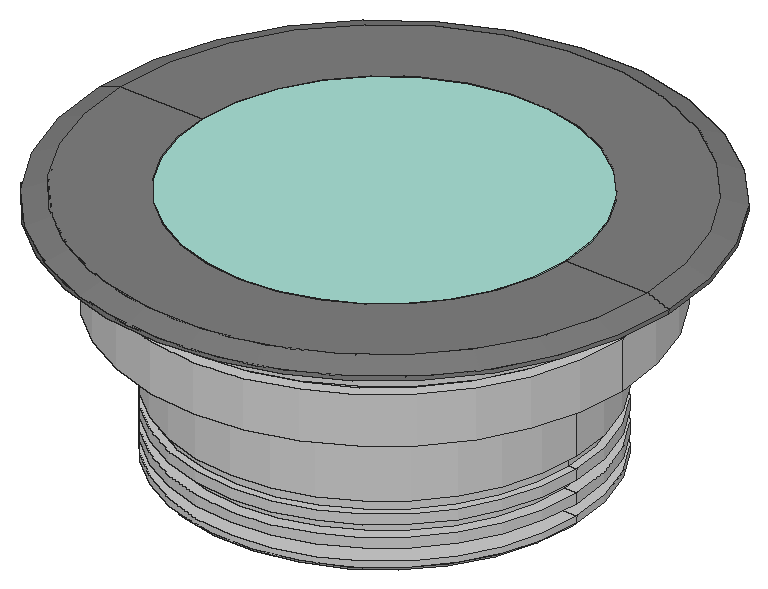
Revit family "Bright 5.F", category Lighting Fixtures, host Face, Revit 2017 (continued)
Types (16, lengths in mm): name | Wattage | Power | Photometric Web File | Optics | built-in parameter 1150142 | built-in parameter 1150105 | Lumens | built-in parameter 1150106 | Apparent Load Phase 1
    .00 0.00 0.00 0.00 0.00 0.00 0.00 0.00 0.00 \r\n0.00 0.00 0.00 0.00 0.00 0.00 0.00 0.00 0.00 0.00 0.00 \r\n0.00 0.00 0.00 0.00 0.00 0.00 0.00 0.00 0.00 0.00 0.00 \r\n0.00 0.00 0.00 0.00 \r\n4408.84 4326.97 4135.36 3834.72 3457.16 3042.91 2600.55 \r\n2179.08 1773.40 1433.91 1142.26 907.01 708.10 573.14 \r\n467.88 389.75 331.52 286.94 252.10 225.53 202.84 183.87 \r\n168.37 154.18 141.46 129.38 119.38 109.80 101.19 93.16 \r\n86.08 79.47 73.80 68.21 63.51 59.31 55.29 51.78 48.64 \r\n45.75 42.98 40.33 38.02 35.79 33.68 31.75 29.93 28.24 \r\n26.58 25.05 23.60 22.20 20.89 19.63 18.40 17.29 16.22 \r\n15.19 14.20 13.24 12.35 11.45 10.63 9.86 9.10 8.40 7.73 \r\n7.10 6.48 5.88 5.30 4.79 4.26 3.79 3.33 2.90 2.50 2.13 \r\n1.77 1.45 1.15 0.90 0.68 0.49 0.35 0.23 0.15 0.10 0.07 \r\n0.03 0.00 0.00 0.00 0.00 0.00 0.00 0.00 0.00 0.00 0.00 \r\n0.00 0.00 0.00 0.00 0.00 0.00 0.00 0.00 0.00 0.00 0.00 \r\n0.00 0.00 0.00 0.00 0.00 0.00 0.00 0.00 0.00 0.00 0.00 \r\n0.00 0.00 0.00 0.00 0.00 0.00 0.00 0.00 0.00 0.00 0.00 \r\n0.00 0.00 0.00 0.00 0.00 0.00 0.00 0.00 0.00 0.00 0.00 \r\n0.00 0.00 0.00 0.00 0.00 0.00 0.00 0.00 0.00 0.00 0.00 \r\n0.00 0.00 0.00 0.00 0.00 0.00 0.00 0.00 0.00 0.00 0.00 \r\n0.00 0.00 0.00 0.00 0.00 0.00 0.00 0.00 0.00 0.00 0.00 \r\n0.00 0.00 0.00 0.00 \r\n4408.84 4321.87 4109.05 3779.22 3369.11 2920.03 2461.24 \r\n2023.81 1618.24 1270.81 992.01 775.62 607.75 489.07 \r\n397.16 335.02 287.30 250.19 222.82 198.96 180.33 163.57 \r\n149.07 136.06 124.48 113.42 103.54 94.89 87.07 80.13 \r\n73.56 68.25 63.10 58.78 54.57 51.02 47.73 44.77 41.96 \r\n39.50 37.16 35.00 32.88 31.02 29.25 27.53 25.97 24.46 \r\n23.10 21.69 20.45 19.22 18.11 16.94 15.90 14.94 14.02 \r\n13.12 12.24 11.46 10.64 9.95 9.23 8.57 7.92 7.34 6.72 \r\n6.20 5.65 5.14 4.64 4.20 3.76 3.34 2.94 2.59 2.23 1.89 \r\n1.59 1.29 1.05 0.81 0.62 0.45 0.31 0.21 0.14 0.10 0.07 \r\n0.03 0.00 0.00 0.00 0.00 0.00 0.00 0.00 0.00 0.00 0.00 \r\n0.00 0.00 0.00 0.00 0.00 0.00 0.00 0.00 0.00 0.00 0.00 \r\n0.00 0.00 0.00 0.00 0.00 0.00 0.00 0.00 0.00 0.00 0.00 \r\n0.00 0.00 0.00 0.00 0.00 0.00 0.00 0.00 0.00 0.00 0.00 \r\n0.00 0.00 0.00 0.00 0.00 0.00 0.00 0.00 0.00 0.00 0.00 \r\n0.00 0.00 0.00 0.00 0.00 0.00 0.00 0.00 0.00 0.00 0.00 \r\n0.00 0.00 0.00 0.00 0.00 0.00 0.00 0.00 0.00 0.00 0.00 \r\n0.00 0.00 0.00 0.00 0.00 0.00 0.00 0.00 0.00 0.00 0.00 \r\n0.00 0.00 0.00 0.00 \r\n4408.84 4310.92 4075.98 3721.59 3282.67 2830.81 2330.32 \r\n1890.31 1479.34 1157.40 876.61 684.50 529.66 428.74 \r\n353.12 299.16 258.36 227.05 202.54 181.48 163.80 148.31 \r\n135.38 122.12 111.68 101.43 92.19 84.25 76.75 70.51 65.17 \r\n60.18 55.91 51.93 48.42 45.41 42.45 39.80 37.26 35.04 \r\n32.87 30.99 29.06 27.45 25.82 24.26 22.86 21.47 20.19 \r\n18.96 17.85 16.70 15.64 14.63 13.74 12.83 12.04 11.27 \r\n10.52 9.82 9.13 8.51 7.91 7.34 6.80 6.30 5.79 5.34 4.88 \r\n4.44 4.03 3.64 3.25 2.90 2.55 2.24 1.93 1.64 1.36 1.11 \r\n0.90 0.71 0.53 0.39 0.28 0.19 0.13 0.09 0.07 0.03 0.00 \r\n0.00 0.00 0.00 0.00 0.00 0.00 0.00 0.00 0.00 0.00 0.00 \r\n0.00 0.00 0.00 0.00 0.00 0.00 0.00 0.00 0.00 0.00 0.00 \r\n0.00 0.00 0.00 0.00 0.00 0.00 0.00 0.00 0.00 0.00 0.00 \r\n0.00 0.00 0.00 0.00 0.00 0.00 0.00 0.00 0.00 0.00 0.00 \r\n0.00 0.00 0.00 0.00 0.00 0.00 0.00 0.00 0.00 0.00 0.00 \r\n0.00 0.00 0.00 0.00 0.00 0.00 0.00 0.00 0.00 0.00 0.00 \r\n0.00 0.00 0.00 0.00 0.00 0.00 0.00 0.00 0.00 0.00 0.00 \r\n0.00 0.00 0.00 0.00 0.00 0.00 0.00 0.00 0.00 0.00 0.00 \r\n0.00 0.00 \r\n4408.84 4304.18 4056.51 3682.67 3223.18 2711.82 2231.85 \r\n1762.62 1368.27 1038.41 799.00 610.22 478.60 383.31 \r\n321.13 271.64 237.15 208.95 186.75 167.89 151.39 136.60 \r\n123.68 111.88 101.22 91.54 83.19 76.00 69.24 63.71 58.88 \r\n54.53 50.57 47.09 43.98 41.12 38.36 36.02 33.72 31.65 \r\n29.80 27.90 26.25 24.66 23.16 21.74 20.47 19.16 17.97 \r\n16.84 15.78 14.76 13.81 12.93 12.09 11.31 10.57 9.86 9.23 \r\n8.61 8.02 7.48 6.94 6.46 5.98 5.54 5.11 4.67 4.28 3.90 \r\n3.53 3.16 2.83 2.51 2.21 1.92 1.66 1.41 1.18 0.96 0.78 \r\n0.61 0.47 0.35 0.25 0.18 0.12 0.09 0.06 0.03 0.00 0.00 \r\n0.00 0.00 0.00 0.00 0.00 0.00 0.00 0.00 0.00 0.00 0.00 \r\n0.00 0.00 0.00 0.00 0.00 0.00 0.00 0.00 0.00 0.00 0.00 \r\n0.00 0.00 0.00 0.00 0.00 0.00 0.00 0.00 0.00 0.00 0.00 \r\n0.00 0.00 0.00 0.00 0.00 0.00 0.00 0.00 0.00 0.00 0.00 \r\n0.00 0.00 0.00 0.00 0.00 0.00 0.00 0.00 0.00 0.00 0.00 \r\n0.00 0.00 0.00 0.00 0.00 0.00 0.00 0.00 0.00 0.00 0.00 \r\n0.00 0.00 0.00 0.00 0.00 0.00 0.00 0.00 0.00 0.00 0.00 \r\n0.00 0.00 0.00 0.00 0.00 0.00 0.00 0.00 0.00 0.00 0.00 \r\n0.00 \r\n4408.84 4300.19 4027.57 3652.95 3143.58 2669.90 2141.57 \r\n1684.34 1293.91 976.80 733.81 570.92 436.99 355.59 297.42 \r\n254.12 223.27 196.75 176.59 158.18 141.89 127.50 115.42 \r\n103.66 94.00 84.64 76.92 70.31 64.04 58.88 54.59 50.39 \r\n46.76 43.61 40.57 38.15 35.47 33.40 31.27 29.36 27.61 \r\n25.89 24.30 22.84 21.38 20.07 18.87 17.60 16.55 15.47 \r\n14.51 13.55 12.67 11.82 11.07 10.29 9.65 9.03 8.42 7.88 \r\n7.33 6.82 6.36 5.90 5.45 5.03 4.61 4.24 3.85 3.49 3.13 \r\n2.81 2.51 2.21 1.94 1.69 1.46 1.24 1.04 0.86 0.70 0.55 \r\n0.43 0.32 0.24 0.17 0.12 0.09 0.06 0.03 0.00 0.00 0.00 \r\n0.00 0.00 0.00 0.00 0.00 0.00 0.00 0.00 0.00 0.00 0.00 \r\n0.00 0.00 0.00 0.00 0.00 0.00 0.00 0.00 0.00 0.00 0.00 \r\n0.00 0.00 0.00 0.00 0.00 0.00 0.00 0.00 0.00 0.00 0.00 \r\n0.00 0.00 0.00 0.00 0.00 0.00 0.00 0.00 0.00 0.00 0.00 \r\n0.00 0.00 0.00 0.00 0.00 0.00 0.00 0.00 0.00 0.00 0.00 \r\n0.00 0.00 0.00 0.00 0.00 0.00 0.00 0.00 0.00 0.00 0.00 \r\n0.00 0.00 0.00 0.00 0.00 0.00 0.00 0.00 0.00 0.00 0.00 \r\n0.00 0.00 0.00 0.00 0.00 0.00 0.00 0.00 0.00 0.00 0.00 \r\n4408.84 4299.33 4021.49 3608.66 3108.55 2593.05 2077.12 \r\n1622.81 1219.79 918.94 690.55 528.78 411.26 334.47 280.96 \r\n242.11 211.98 187.03 167.86 150.35 134.66 120.92 109.28 \r\n97.88 88.38 79.48 72.22 65.90 60.24 55.48 51.33 47.54 \r\n44.11 41.07 38.26 35.80 33.38 31.33 29.32 27.53 25.82 \r\n24.29 22.76 21.37 20.07 18.78 17.62 16.50 15.51 14.51 \r\n13.58 12.70 11.88 11.05 10.35 9.66 9.06 8.48 7.93 7.40 \r\n6.89 6.40 5.95 5.51 5.07 4.66 4.26 3.88 3.52 3.18 2.84 \r\n2.55 2.27 2.01 1.76 1.55 1.34 1.15 0.97 0.80 0.65 0.52 \r\n0.41 0.31 0.23 0.17 0.12 0.09 0.06 0.03 0.00 0.00 0.00 \r\n0.00 0.00 0.00 0.00 0.00 0.00 0.00 0.00 0.00 0.00 0.00 \r\n0.00 0.00 0.00 0.00 0.00 0.00 0.00 0.00 0.00 0.00 0.00 \r\n0.00 0.00 0.00 0.00 0.00 0.00 0.00 0.00 0.00 0.00 0.00 \r\n0.00 0.00 0.00 0.00 0.00 0.00 0.00 0.00 0.00 0.00 0.00 \r\n0.00 0.00 0.00 0.00 0.00 0.00 0.00 0.00 0.00 0.00 0.00 \r\n0.00 0.00 0.00 0.00 0.00 0.00 0.00 0.00 0.00 0.00 0.00 \r\n0.00 0.00 0.00 0.00 0.00 0.00 0.00 0.00 0.00 0.00 0.00 \r\n0.00 0.00 0.00 0.00 0.00 0.00 0.00 0.00 0.00 0.00 0.00 \r\n4408.84 4297.41 4012.49 3601.19 3072.69 2550.52 2017.42 \r\n1563.23 1191.91 888.93 661.29 507.47 392.83 322.24 272.52 \r\n233.90 205.46 181.53 162.06 145.44 130.12 116.44 104.92 \r\n94.07 84.83 75.95 69.36 63.30 57.97 53.24 49.19 45.63 \r\n42.34 39.30 36.66 34.28 32.04 30.01 28.12 26.38 24.73 \r\n23.21 21.78 20.42 19.13 17.93 16.80 15.79 14.78 13.84 \r\n12.90 12.08 11.33 10.55 9.88 9.26 8.66 8.10 7.59 7.07 \r\n6.60 6.09 5.66 5.22 4.78 4.39 4.00 3.63 3.28 2.95 2.65 \r\n2.39 2.12 1.89 1.67 1.47 1.28 1.09 0.93 0.78 0.63 0.51 \r\n0.41 0.31 0.23 0.17 0.12 0.09 0.06 0.03 0.00 0.00 0.00 \r\n0.00 0.00 0.00 0.00 0.00 0.00 0.00 0.00 0.00 0.00 0.00 \r\n0.00 0.00 0.00 0.00 0.00 0.00 0.00 0.00 0.00 0.00 0.00 \r\n0.00 0.00 0.00 0.00 0.00 0.00 0.00 0.00 0.00 0.00 0.00 \r\n0.00 0.00 0.00 0.00 0.00 0.00 0.00 0.00 0.00 0.00 0.00 \r\n0.00 0.00 0.00 0.00 0.00 0.00 0.00 0.00 0.00 0.00 0.00 \r\n0.00 0.00 0.00 0.00 0.00 0.00 0.00 0.00 0.00 0.00 0.00 \r\n0.00 0.00 0.00 0.00 0.00 0.00 0.00 0.00 0.00 0.00 0.00 \r\n0.00 0.00 0.00 0.00 0.00 0.00 0.00 0.00 0.00 0.00 0.00 \r\n4408.84 4296.66 4002.62 3584.57 3048.63 2518.06 1983.29 \r\n1545.47 1147.14 855.65 639.82 491.54 381.67 313.28 266.12 \r\n228.39 200.27 177.82 158.34 141.47 127.52 113.70 102.12 \r\n91.40 82.07 73.98 67.31 61.35 56.34 51.74 47.82 44.30 \r\n41.08 38.29 35.56 33.26 31.03 29.09 27.23 25.58 24.00 \r\n22.47 21.03 19.74 18.47 17.33 16.29 15.28 14.33 13.37 \r\n12.49 11.66 10.92 10.17 9.55 8.94 8.36 7.83 7.32 6.82 \r\n6.36 5.88 5.43 4.98 4.57 4.19 3.80 3.44 3.11 2.81 2.53 \r\n2.28 2.04 1.83 1.62 1.43 1.25 1.07 0.92 0.77 0.64 0.52 \r\n0.41 0.32 0.24 0.17 0.12 0.09 0.06 0.03 0.00 0.00 0.00 \r\n0.00 0.00 0.00 0.00 0.00 0.00 0.00 0.00 0.00 0.00 0.00 \r\n0.00 0.00 0.00 0.00 0.00 0.00 0.00 0.00 0.00 0.00 0.00 \r\n0.00 0.00 0.00 0.00 0.00 0.00 0.00 0.00 0.00 0.00 0.00 \r\n0.00 0.00 0.00 0.00 0.00 0.00 0.00 0.00 0.00 0.00 0.00 \r\n0.00 0.00 0.00 0.00 0.00 0.00 0.00 0.00 0.00 0.00 0.00 \r\n0.00 0.00 0.00 0.00 0.00 0.00 0.00 0.00 0.00 0.00 0.00 \r\n0.00 0.00 0.00 0.00 0.00 0.00 0.00 0.00 0.00 0.00 0.00 \r\n0.00 0.00 0.00 0.00 0.00 0.00 0.00 0.00 0.00 0.00 0.00 \r\n4408.84 4232.87 3897.98 3439.21 2894.88 2338.87 1852.53 \r\n1395.37 1034.28 778.00 575.39 452.10 361.02 292.43 252.11 \r\n218.23 193.39 171.62 152.53 136.65 122.45 108.95 98.24 \r\n87.68 79.16 71.66 64.97 59.22 54.44 50.22 46.55 43.15 \r\n40.02 37.35 34.65 32.47 30.33 28.38 26.54 24.94 23.28 \r\n21.89 20.51 19.21 17.98 16.87 15.89 14.80 13.92 13.02 \r\n12.13 11.36 10.63 9.90 9.30 8.66 8.14 7.60 7.11 6.61 6.14 \r\n5.66 5.23 4.80 4.37 3.99 3.60 3.27 2.96 2.68 2.41 2.18 \r\n1.94 1.73 1.53 1.34 1.17 1.01 0.87 0.72 0.60 0.48 0.37 \r\n0.28 0.21 0.14 0.10 0.08 0.05 0.01 0.00 0.00 0.00 0.00 \r\n0.00 0.00 0.00 0.00 0.00 0.00 0.00 0.00 0.00 0.00 0.00 \r\n0.00 0.00 0.00 0.00 0.00 0.00 0.00 0.00 0.00 0.00 0.00 \r\n0.00 0.00 0.00 0.00 0.00 0.00 0.00 0.00 0.00 0.00 0.00 \r\n0.00 0.00 0.00 0.00 0.00 0.00 0.00 0.00 0.00 0.00 0.00 \r\n0.00 0.00 0.00 0.00 0.00 0.00 0.00 0.00 0.00 0.00 0.00 \r\n0.00 0.00 0.00 0.00 0.00 0.00 0.00 0.00 0.00 0.00 0.00 \r\n0.00 0.00 0.00 0.00 0.00 0.00 0.00 0.00 0.00 0.00 0.00 \r\n0.00 0.00 0.00 0.00 0.00 0.00 0.00 0.00 0.00 0.00 \r\n4408.84 4296.66 4002.62 3584.57 3048.63 2518.06 1983.29 \r\n1545.47 1147.14 855.65 639.82 491.54 381.67 313.28 266.12 \r\n228.39 200.27 177.82 158.34 141.47 127.52 113.70 102.12 \r\n91.40 82.07 73.98 67.31 61.35 56.34 51.74 47.82 44.30 \r\n41.08 38.29 35.56 33.26 31.03 29.09 27.23 25.58 24.00 \r\n22.47 21.03 19.74 18.47 17.33 16.29 15.28 14.33 13.37 \r\n12.49 11.66 10.92 10.17 9.55 8.94 8.36 7.83 7.32 6.82 \r\n6.36 5.88 5.43 4.98 4.57 4.19 3.80 3.44 3.11 2.81 2.53 \r\n2.28 2.04 1.83 1.62 1.43 1.25 1.07 0.92 0.77 0.64 0.52 \r\n0.41 0.32 0.24 0.17 0.12 0.09 0.06 0.03 0.00 0.00 0.00 \r\n0.00 0.00 0.00 0.00 0.00 0.00 0.00 0.00 0.00 0.00 0.00 \r\n0.00 0.00 0.00 0.00 0.00 0.00 0.00 0.00 0.00 0.00 0.00 \r\n0.00 0.00 0.00 0.00 0.00 0.00 0.00 0.00 0.00 0.00 0.00 \r\n0.00 0.00 0.00 0.00 0.00 0.00 0.00 0.00 0.00 0.00 0.00 \r\n0.00 0.00 0.00 0.00 0.00 0.00 0.00 0.00 0.00 0.00 0.00 \r\n0.00 0.00 0.00 0.00 0.00 0.00 0.00 0.00 0.00 0.00 0.00 \r\n0.00 0.00 0.00 0.00 0.00 0.00 0.00 0.00 0.00 0.00 0.00 \r\n0.00 0.00 0.00 0.00 0.00 0.00 0.00 0.00 0.00 0.00 0.00 \r\n4408.84 4297.41 4012.49 3601.19 3072.69 2550.52 2017.42 \r\n1563.23 1191.91 888.93 661.29 507.47 392.83 322.24 272.52 \r\n233.90 205.46 181.53 162.06 145.44 130.12 116.44 104.92 \r\n94.07 84.83 75.95 69.36 63.30 57.97 53.24 49.19 45.63 \r\n42.34 39.30 36.66 34.28 32.04 30.01 28.12 26.38 24.73 \r\n23.21 21.78 20.42 19.13 17.93 16.80 15.79 14.78 13.84 \r\n12.90 12.08 11.33 10.55 9.88 9.26 8.66 8.10 7.59 7.07 \r\n6.60 6.09 5.66 5.22 4.78 4.39 4.00 3.63 3.28 2.95 2.65 \r\n2.39 2.12 1.89 1.67 1.47 1.28 1.09 0.93 0.78 0.63 0.51 \r\n0.41 0.31 0.23 0.17 0.12 0.09 0.06 0.03 0.00 0.00 0.00 \r\n0.00 0.00 0.00 0.00 0.00 0.00 0.00 0.00 0.00 0.00 0.00 \r\n0.00 0.00 0.00 0.00 0.00 0.00 0.00 0.00 0.00 0.00 0.00 \r\n0.00 0.00 0.00 0.00 0.00 0.00 0.00 0.00 0.00 0.00 0.00 \r\n0.00 0.00 0.00 0.00 0.00 0.00 0.00 0.00 0.00 0.00 0.00 \r\n0.00 0.00 0.00 0.00 0.00 0.00 0.00 0.00 0.00 0.00 0.00 \r\n0.00 0.00 0.00 0.00 0.00 0.00 0.00 0.00 0.00 0.00 0.00 \r\n0.00 0.00 0.00 0.00 0.00 0.00 0.00 0.00 0.00 0.00 0.00 \r\n0.00 0.00 0.00 0.00 0.00 0.00 0.00 0.00 0.00 0.00 0.00 \r\n4408.84 4299.33 4021.49 3608.66 3108.55 2593.05 2077.12 \r\n1622.81 1219.79 918.94 690.55 528.78 411.26 334.47 280.96 \r\n242.11 211.98 187.03 167.86 150.35 134.66 120.92 109.28 \r\n97.88 88.38 79.48 72.22 65.90 60.24 55.48 51.33 47.54 \r\n44.11 41.07 38.26 35.80 33.38 31.33 29.32 27.53 25.82 \r\n24.29 22.76 21.37 20.07 18.78 17.62 16.50 15.51 14.51 \r\n13.58 12.70 11.88 11.05 10.35 9.66 9.06 8.48 7.93 7.40 \r\n6.89 6.40 5.95 5.51 5.07 4.66 4.26 3.88 3.52 3.18 2.84 \r\n2.55 2.27 2.01 1.76 1.55 1.34 1.15 0.97 0.80 0.65 0.52 \r\n0.41 0.31 0.23 0.17 0.12 0.09 0.06 0.03 0.00 0.00 0.00 \r\n0.00 0.00 0.00 0.00 0.00 0.00 0.00 0.00 0.00 0.00 0.00 \r\n0.00 0.00 0.00 0.00 0.00 0.00 0.00 0.00 0.00 0.00 0.00 \r\n0.00 0.00 0.00 0.00 0.00 0.00 0.00 0.00 0.00 0.00 0.00 \r\n0.00 0.00 0.00 0.00 0.00 0.00 0.00 0.00 0.00 0.00 0.00 \r\n0.00 0.00 0.00 0.00 0.00 0.00 0.00 0.00 0.00 0.00 0.00 \r\n0.00 0.00 0.00 0.00 0.00 0.00 0.00 0.00 0.00 0.00 0.00 \r\n0.00 0.00 0.00 0.00 0.00 0.00 0.00 0.00 0.00 0.00 0.00 \r\n0.00 0.00 0.00 0.00 0.00 0.00 0.00 0.00 0.00 0.00 0.00 \r\n4408.84 4300.19 4027.57 3652.95 3143.58 2669.90 2141.57 \r\n1684.34 1293.91 976.80 733.81 570.92 436.99 355.59 297.42 \r\n254.12 223.27 196.75 176.59 158.18 141.89 127.50 115.42 \r\n103.66 94.00 84.64 76.92 70.31 64.04 58.88 54.59 50.39 \r\n46.76 43.61 40.57 38.15 35.47 33.40 31.27 29.36 27.61 \r\n25.89 24.30 22.84 21.38 20.07 18.87 17.60 16.55 15.47 \r\n14.51 13.55 12.67 11.82 11.07 10.29 9.65 9.03 8.42 7.88 \r\n7.33 6.82 6.36 5.90 5.45 5.03 4.61 4.24 3.85 3.49 3.13 \r\n2.81 2.51 2.21 1.94 1.69 1.46 1.24 1.04 0.86 0.70 0.55 \r\n0.43 0.32 0.24 0.17 0.12 0.09 0.06 0.03 0.00 0.00 0.00 \r\n0.00 0.00 0.00 0.00 0.00 0.00 0.00 0.00 0.00 0.00 0.00 \r\n0.00 0.00 0.00 0.00 0.00 0.00 0.00 0.00 0.00 0.00 0.00 \r\n0.00 0.00 0.00 0.00 0.00 0.00 0.00 0.00 0.00 0.00 0.00 \r\n0.00 0.00 0.00 0.00 0.00 0.00 0.00 0.00 0.00 0.00 0.00 \r\n0.00 0.00 0.00 0.00 0.00 0.00 0.00 0.00 0.00 0.00 0.00 \r\n0.00 0.00 0.00 0.00 0.00 0.00 0.00 0.00 0.00 0.00 0.00 \r\n0.00 0.00 0.00 0.00 0.00 0.00 0.00 0.00 0.00 0.00 0.00 \r\n0.00 0.00 0.00 0.00 0.00 0.00 0.00 0.00 0.00 0.00 0.00 \r\n4408.84 4304.18 4056.51 3682.67 3223.18 2711.82 2231.85 \r\n1762.62 1368.27 1038.41 799.00 610.22 478.60 383.31 \r\n321.13 271.64 237.15 208.95 186.75 167.89 151.39 136.60 \r\n123.68 111.88 101.22 91.54 83.19 76.00 69.24 63.71 58.88 \r\n54.53 50.57 47.09 43.98 41.12 38.36 36.02 33.72 31.65 \r\n29.80 27.90 26.25 24.66 23.16 21.74 20.47 19.16 17.97 \r\n16.84 15.78 14.76 13.81 12.93 12.09 11.31 10.57 9.86 9.23 \r\n8.61 8.02 7.48 6.94 6.46 5.98 5.54 5.11 4.67 4.28 3.90 \r\n3.53 3.16 2.83 2.51 2.21 1.92 1.66 1.41 1.18 0.96 0.78 \r\n0.61 0.47 0.35 0.25 0.18 0.12 0.09 0.06 0.03 0.00 0.00 \r\n0.00 0.00 0.00 0.00 0.00 0.00 0.00 0.00 0.00 0.00 0.00 \r\n0.00 0.00 0.00 0.00 0.00 0.00 0.00 0.00 0.00 0.00 0.00 \r\n0.00 0.00 0.00 0.00 0.00 0.00 0.00 0.00 0.00 0.00 0.00 \r\n0.00 0.00 0.00 0.00 0.00 0.00 0.00 0.00 0.00 0.00 0.00 \r\n0.00 0.00 0.00 0.00 0.00 0.00 0.00 0.00 0.00 0.00 0.00 \r\n0.00 0.00 0.00 0.00 0.00 0.00 0.00 0.00 0.00 0.00 0.00 \r\n0.00 0.00 0.00 0.00 0.00 0.00 0.00 0.00 0.00 0.00 0.00 \r\n0.00 0.00 0.00 0.00 0.00 0.00 0.00 0.00 0.00 0.00 0.00 \r\n0.00 \r\n4408.84 4310.92 4075.98 3721.59 3282.67 2830.81 2330.32 \r\n1890.31 1479.34 1157.40 876.61 684.50 529.66 428.74 \r\n353.12 299.16 258.36 227.05 202.54 181.48 163.80 148.31 \r\n135.38 122.12 111.68 101.43 92.19 84.25 76.75 70.51 65.17 \r\n60.18 55.91 51.93 48.42 45.41 42.45 39.80 37.26 35.04 \r\n32.87 30.99 29.06 27.45 25.82 24.26 22.86 21.47 20.19 \r\n18.96 17.85 16.70 15.64 14.63 13.74 12.83 12.04 11.27 \r\n10.52 9.82 9.13 8.51 7.91 7.34 6.80 6.30 5.79 5.34 4.88 \r\n4.44 4.03 3.64 3.25 2.90 2.55 2.24 1.93 1.64 1.36 1.11 \r\n0.90 0.71 0.53 0.39 0.28 0.19 0.13 0.09 0.07 0.03 0.00 \r\n0.00 0.00 0.00 0.00 0.00 0.00 0.00 0.00 0.00 0.00 0.00 \r\n0.00 0.00 0.00 0.00 0.00 0.00 0.00 0.00 0.00 0.00 0.00 \r\n0.00 0.00 0.00 0.00 0.00 0.00 0.00 0.00 0.00 0.00 0.00 \r\n0.00 0.00 0.00 0.00 0.00 0.00 0.00 0.00 0.00 0.00 0.00 \r\n0.00 0.00 0.00 0.00 0.00 0.00 0.00 0.00 0.00 0.00 0.00 \r\n0.00 0.00 0.00 0.00 0.00 0.00 0.00 0.00 0.00 0.00 0.00 \r\n0.00 0.00 0.00 0.00 0.00 0.00 0.00 0.00 0.00 0.00 0.00 \r\n0.00 0.00 0.00 0.00 0.00 0.00 0.00 0.00 0.00 0.00 0.00 \r\n0.00 0.00 \r\n4408.84 4321.87 4109.05 3779.22 3369.11 2920.03 2461.24 \r\n2023.81 1618.24 1270.81 992.01 775.62 607.75 489.07 \r\n397.16 335.02 287.30 250.19 222.82 198.96 180.33 163.57 \r\n149.07 136.06 124.48 113.42 103.54 94.89 87.07 80.13 \r\n73.56 68.25 63.10 58.78 54.57 51.02 47.73 44.77 41.96 \r\n39.50 37.16 35.00 32.88 31.02 29.25 27.53 25.97 24.46 \r
